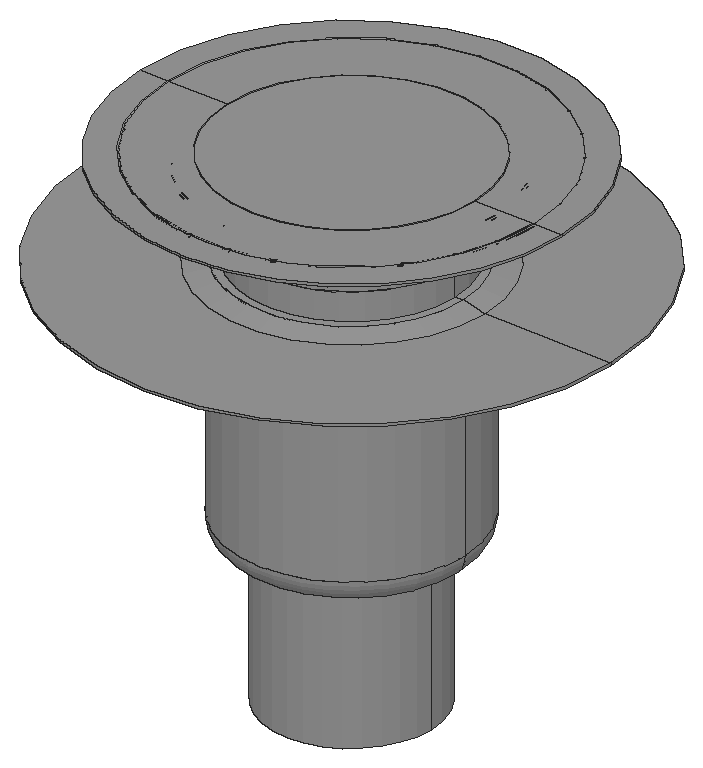
Revit family "ACO AUS Gully 157 Telescopic - Vinyl Top - Vertical Outlet with Mechanical Flange - 170mm 2", category Plumbing Fixtures, host Floor, Revit 2014 (continued)
Definition of nested family "Vinyl Gully Top"
  Lines and regions (mm)
    model lines, style "Viditelná (ISO)", in view "Ref. Level", detail levels fine
      curve 33: spline (-52.892, -90.312, 0) -> (-53.141, -90.754, 0) -> (-53.351, -91.244, 0) -> (-53.519, -91.772, 0) -> (-53.64, -92.329, 0) -> (-53.714, -92.907, 0) -> (-53.739, -93.494, 0) -> (-53.714, -94.081, 0) -> (-53.64, -94.659, 0) -> (-53.519, -95.216, 0) -> (-53.351, -95.744, 0) -> (-53.141, -96.233, 0) -> (-52.892, -96.676, 0)
      curve 34: spline (-51.301, -87.837, 0) -> (-50.941, -87.198, 0) -> (-50.637, -86.491, 0) -> (-50.395, -85.728, 0) -> (-50.22, -84.923, 0) -> (-50.113, -84.089, 0) -> (-50.077, -83.241, 0) -> (-50.113, -82.392, 0) -> (-50.22, -81.559, 0) -> (-50.395, -80.753, 0) -> (-50.637, -79.991, 0) -> (-50.941, -79.284, 0) -> (-51.301, -78.645, 0)
      curve 35: spline (-52.892, -69.806, 0) -> (-53.141, -70.248, 0) -> (-53.351, -70.738, 0) -> (-53.519, -71.266, 0) -> (-53.64, -71.823, 0) -> (-53.714, -72.4, 0) -> (-53.739, -72.988, 0) -> (-53.714, -73.575, 0) -> (-53.64, -74.152, 0) -> (-53.519, -74.71, 0) -> (-53.351, -75.238, 0) -> (-53.141, -75.727, 0) -> (-52.892, -76.17, 0)
      curve 36: spline (-51.301, -67.331, 0) -> (-50.941, -66.692, 0) -> (-50.637, -65.985, 0) -> (-50.395, -65.222, 0) -> (-50.22, -64.417, 0) -> (-50.113, -63.583, 0) -> (-50.077, -62.735, 0) -> (-50.113, -61.886, 0) -> (-50.22, -61.052, 0) -> (-50.395, -60.247, 0) -> (-50.637, -59.485, 0) -> (-50.941, -58.778, 0) -> (-51.301, -58.139, 0)
      curve 37: spline (-53.739, -52.482, 0) -> (-53.733, -52.776, 0) -> (-53.714, -53.069, 0) -> (-53.683, -53.36, 0) -> (-53.64, -53.646, 0) -> (-53.586, -53.928, 0) -> (-53.519, -54.204, 0) -> (-53.441, -54.472, 0) -> (-53.351, -54.732, 0) -> (-53.252, -54.982, 0) -> (-53.141, -55.221, 0) -> (-53.021, -55.449, 0) -> (-52.892, -55.664, 0)
      curve 38: spline (-72.497, -110.111, 0) -> (-72.656, -110.374, 0) -> (-72.802, -110.652, 0) -> (-72.937, -110.944, 0) -> (-73.059, -111.25, 0) -> (-73.168, -111.567, 0) -> (-73.264, -111.895, 0) -> (-73.345, -112.232, 0) -> (-73.412, -112.576, 0) -> (-73.465, -112.927, 0) -> (-73.503, -113.282, 0) -> (-73.525, -113.64, 0) -> (-73.533, -114, 0)
      curve 39: spline (-70.907, -107.636, 0) -> (-70.602, -107.095, 0) -> (-70.345, -106.497, 0) -> (-70.14, -105.852, 0) -> (-69.992, -105.17, 0) -> (-69.901, -104.465, 0) -> (-69.871, -103.747, 0) -> (-69.901, -103.029, 0) -> (-69.992, -102.323, 0) -> (-70.14, -101.642, 0) -> (-70.345, -100.997, 0) -> (-70.602, -100.399, 0) -> (-70.907, -99.858, 0)
      curve 40: spline (-72.497, -89.605, 0) -> (-72.802, -90.146, 0) -> (-73.059, -90.744, 0) -> (-73.264, -91.389, 0) -> (-73.412, -92.07, 0) -> (-73.503, -92.776, 0) -> (-73.533, -93.494, 0) -> (-73.503, -94.212, 0) -> (-73.412, -94.917, 0) -> (-73.264, -95.599, 0) -> (-73.059, -96.244, 0) -> (-72.802, -96.842, 0) -> (-72.497, -97.383, 0)
      curve 41: spline (-70.907, -87.13, 0) -> (-70.602, -86.589, 0) -> (-70.345, -85.991, 0) -> (-70.14, -85.346, 0) -> (-69.992, -84.664, 0) -> (-69.901, -83.959, 0) -> (-69.871, -83.241, 0) -> (-69.901, -82.523, 0) -> (-69.992, -81.817, 0) -> (-70.14, -81.136, 0) -> (-70.345, -80.491, 0) -> (-70.602, -79.893, 0) -> (-70.907, -79.352, 0)
      curve 42: spline (-72.497, -69.099, 0) -> (-72.802, -69.64, 0) -> (-73.059, -70.238, 0) -> (-73.264, -70.883, 0) -> (-73.412, -71.564, 0) -> (-73.503, -72.27, 0) -> (-73.533, -72.988, 0) -> (-73.503, -73.706, 0) -> (-73.412, -74.411, 0) -> (-73.264, -75.093, 0) -> (-73.059, -75.738, 0) -> (-72.802, -76.336, 0) -> (-72.497, -76.877, 0)
      curve 43: spline (-70.907, -66.624, 0) -> (-70.602, -66.083, 0) -> (-70.345, -65.485, 0) -> (-70.14, -64.84, 0) -> (-69.992, -64.158, 0) -> (-69.901, -63.453, 0) -> (-69.871, -62.735, 0) -> (-69.901, -62.017, 0) -> (-69.992, -61.311, 0) -> (-70.14, -60.63, 0) -> (-70.345, -59.985, 0) -> (-70.602, -59.387, 0) -> (-70.907, -58.846, 0)
      curve 44: spline (-73.533, -52.482, 0) -> (-73.525, -52.841, 0) -> (-73.503, -53.2, 0) -> (-73.465, -53.555, 0) -> (-73.412, -53.905, 0) -> (-73.345, -54.25, 0) -> (-73.264, -54.586, 0) -> (-73.168, -54.914, 0) -> (-73.059, -55.232, 0) -> (-72.937, -55.537, 0) -> (-72.802, -55.83, 0) -> (-72.656, -56.108, 0) -> (-72.497, -56.371, 0)
      curve 45: spline (-73.533, -130.487, 0) -> (-72.287, -132.237, 0) -> (-70.856, -133.725, 0) -> (-69.27, -134.919, 0) -> (-67.566, -135.791, 0) -> (-65.782, -136.322, 0) -> (-63.957, -136.5, 0) -> (-62.132, -136.322, 0) -> (-60.348, -135.791, 0) -> (-58.645, -134.919, 0) -> (-57.059, -133.725, 0) -> (-55.628, -132.237, 0) -> (-54.382, -130.487, 0)
      curve 46: spline (-63.315, -136.5, 0) -> (-62.4, -136.455, 0) -> (-61.49, -136.322, 0) -> (-60.59, -136.1, 0) -> (-59.705, -135.791, 0) -> (-58.841, -135.396, 0) -> (-58.002, -134.919, 0) -> (-57.192, -134.361, 0) -> (-56.416, -133.725, 0) -> (-55.679, -133.016, 0) -> (-54.985, -132.237, 0) -> (-54.337, -131.393, 0) -> (-53.739, -130.487, 0)
      curve 47: spline (-63.636, -118.015, 0) -> (-64.761, -118.305, 0) -> (-65.796, -118.949, 0) -> (-66.676, -119.908, 0) -> (-67.348, -121.122, 0) -> (-67.768, -122.515, 0) -> (-67.911, -124, 0) -> (-67.768, -125.485, 0) -> (-67.348, -126.878, 0) -> (-66.676, -128.092, 0) -> (-65.796, -129.051, 0) -> (-64.761, -129.695, 0) -> (-63.636, -129.985, 0)
      curve 48: spline (-63.957, -130, 0) -> (-62.768, -129.796, 0) -> (-61.659, -129.196, 0) -> (-60.707, -128.243, 0) -> (-59.977, -127, 0) -> (-59.518, -125.553, 0) -> (-59.361, -124, 0) -> (-59.518, -122.447, 0) -> (-59.977, -121, 0) -> (-60.707, -119.757, 0) -> (-61.659, -118.804, 0) -> (-62.768, -118.204, 0) -> (-63.957, -118, 0) -> (-65.147, -118.204, 0) -> (-66.256, -118.804, 0) -> (-67.207, -119.757, 0) -> (-67.938, -121, 0) -> (-68.397, -122.447, 0) -> (-68.554, -124, 0) -> (-68.397, -125.553, 0) -> (-67.938, -127, 0) -> (-67.207, -128.243, 0) -> (-66.256, -129.196, 0) -> (-65.147, -129.796, 0) -> (-63.957, -130, 0)
      curve 49: spline (100.159, -20.5, 0) -> (99.889, -20.704, 0) -> (99.638, -21.304, 0) -> (99.422, -22.257, 0) -> (99.257, -23.5, 0) -> (99.153, -24.947, 0) -> (99.117, -26.5, 0) -> (99.153, -28.053, 0) -> (99.257, -29.5, 0) -> (99.422, -30.743, 0) -> (99.638, -31.696, 0) -> (99.889, -32.296, 0) -> (100.159, -32.5, 0)
      curve 50: spline (95.818, -32.5, 0) -> (96.087, -32.296, 0) -> (96.339, -31.696, 0) -> (96.554, -30.743, 0) -> (96.72, -29.5, 0) -> (96.824, -28.053, 0) -> (96.86, -26.5, 0) -> (96.824, -24.947, 0) -> (96.72, -23.5, 0) -> (96.554, -22.257, 0) -> (96.339, -21.304, 0) -> (96.087, -20.704, 0) -> (95.818, -20.5, 0)
      curve 51: spline (94.833, -32.5, 0) -> (95.009, -32.414, 0) -> (95.18, -32.157, 0) -> (95.341, -31.737, 0) -> (95.488, -31.167, 0) -> (95.615, -30.462, 0) -> (95.72, -29.643, 0) -> (95.8, -28.734, 0) -> (95.852, -27.76, 0) -> (95.874, -26.75, 0) -> (95.866, -25.733, 0) -> (95.829, -24.738, 0) -> (95.763, -23.794, 0)
      curve 52: spline (98.573, -56.371, 0) -> (98.815, -56.108, 0) -> (99.04, -55.83, 0) -> (99.246, -55.537, 0) -> (99.433, -55.232, 0) -> (99.6, -54.914, 0) -> (99.747, -54.586, 0) -> (99.872, -54.25, 0) -> (99.974, -53.905, 0) -> (100.055, -53.555, 0) -> (100.113, -53.2, 0) -> (100.147, -52.841, 0) -> (100.159, -52.482, 0)
      curve 53: spline (96.135, -58.846, 0) -> (95.668, -59.387, 0) -> (95.274, -59.985, 0) -> (94.961, -60.63, 0) -> (94.733, -61.311, 0) -> (94.595, -62.017, 0) -> (94.549, -62.735, 0) -> (94.595, -63.453, 0) -> (94.733, -64.158, 0) -> (94.961, -64.84, 0) -> (95.274, -65.485, 0) -> (95.668, -66.083, 0) -> (96.135, -66.624, 0)
      curve 54: spline (98.573, -76.877, 0) -> (99.04, -76.336, 0) -> (99.433, -75.738, 0) -> (99.747, -75.093, 0) -> (99.974, -74.411, 0) -> (100.113, -73.706, 0) -> (100.159, -72.988, 0) -> (100.113, -72.27, 0) -> (99.974, -71.564, 0) -> (99.747, -70.883, 0) -> (99.433, -70.238, 0) -> (99.04, -69.64, 0) -> (98.573, -69.099, 0)
      curve 55: spline (96.135, -79.352, 0) -> (95.668, -79.893, 0) -> (95.274, -80.491, 0) -> (94.961, -81.136, 0) -> (94.733, -81.817, 0) -> (94.595, -82.523, 0) -> (94.549, -83.241, 0) -> (94.595, -83.959, 0) -> (94.733, -84.664, 0) -> (94.961, -85.346, 0) -> (95.274, -85.991, 0) -> (95.668, -86.589, 0) -> (96.135, -87.13, 0)
      curve 56: spline (98.573, -97.383, 0) -> (99.04, -96.842, 0) -> (99.433, -96.244, 0) -> (99.747, -95.599, 0) -> (99.974, -94.917, 0) -> (100.113, -94.212, 0) -> (100.159, -93.494, 0) -> (100.113, -92.776, 0) -> (99.974, -92.07, 0) -> (99.747, -91.389, 0) -> (99.433, -90.744, 0) -> (99.04, -90.146, 0) -> (98.573, -89.605, 0)
      curve 57: spline (96.135, -99.858, 0) -> (95.668, -100.399, 0) -> (95.274, -100.997, 0) -> (94.961, -101.642, 0) -> (94.733, -102.323, 0) -> (94.595, -103.029, 0) -> (94.549, -103.747, 0) -> (94.595, -104.465, 0) -> (94.733, -105.17, 0) -> (94.961, -105.852, 0) -> (95.274, -106.497, 0) -> (95.668, -107.095, 0) -> (96.135, -107.636, 0)
      curve 58: spline (100.159, -114, 0) -> (100.147, -113.64, 0) -> (100.113, -113.282, 0) -> (100.055, -112.927, 0) -> (99.974, -112.576, 0) -> (99.872, -112.232, 0) -> (99.747, -111.895, 0) -> (99.6, -111.567, 0) -> (99.433, -111.25, 0) -> (99.246, -110.944, 0) -> (99.04, -110.652, 0) -> (98.815, -110.374, 0) -> (98.573, -110.111, 0)
      curve 59: spline (93.535, -55.664, 0) -> (93.733, -55.449, 0) -> (93.917, -55.221, 0) -> (94.086, -54.982, 0) -> (94.239, -54.732, 0) -> (94.376, -54.472, 0) -> (94.496, -54.204, 0) -> (94.598, -53.928, 0) -> (94.682, -53.646, 0) -> (94.748, -53.36, 0) -> (94.795, -53.069, 0) -> (94.823, -52.776, 0) -> (94.833, -52.482, 0)
      curve 60: spline (91.098, -58.139, 0) -> (90.546, -58.778, 0) -> (90.08, -59.485, 0) -> (89.71, -60.247, 0) -> (89.441, -61.052, 0) -> (89.278, -61.886, 0) -> (89.223, -62.735, 0) -> (89.278, -63.583, 0) -> (89.441, -64.417, 0) -> (89.71, -65.222, 0) -> (90.08, -65.985, 0) -> (90.546, -66.692, 0) -> (91.098, -67.331, 0)
      curve 61: spline (93.535, -76.17, 0) -> (93.917, -75.727, 0) -> (94.239, -75.238, 0) -> (94.496, -74.71, 0) -> (94.682, -74.152, 0) -> (94.795, -73.575, 0) -> (94.833, -72.988, 0) -> (94.795, -72.4, 0) -> (94.682, -71.823, 0) -> (94.496, -71.266, 0) -> (94.239, -70.738, 0) -> (93.917, -70.248, 0) -> (93.535, -69.806, 0)
      curve 62: spline (91.098, -78.645, 0) -> (90.546, -79.284, 0) -> (90.08, -79.991, 0) -> (89.71, -80.753, 0) -> (89.441, -81.559, 0) -> (89.278, -82.392, 0) -> (89.223, -83.241, 0) -> (89.278, -84.089, 0) -> (89.441, -84.923, 0) -> (89.71, -85.728, 0) -> (90.08, -86.491, 0) -> (90.546, -87.198, 0) -> (91.098, -87.837, 0)
      curve 63: spline (93.535, -96.676, 0) -> (93.917, -96.233, 0) -> (94.239, -95.744, 0) -> (94.496, -95.216, 0) -> (94.682, -94.659, 0) -> (94.795, -94.081, 0) -> (94.833, -93.494, 0) -> (94.795, -92.907, 0) -> (94.682, -92.329, 0) -> (94.496, -91.772, 0) -> (94.239, -91.244, 0) -> (93.917, -90.754, 0) -> (93.535, -90.312, 0)
      curve 64: spline (91.098, -99.151, 0) -> (90.546, -99.79, 0) -> (90.08, -100.497, 0) -> (89.71, -101.26, 0) -> (89.441, -102.065, 0) -> (89.278, -102.899, 0) -> (89.223, -103.747, 0) -> (89.278, -104.595, 0) -> (89.441, -105.429, 0) -> (89.71, -106.234, 0) -> (90.08, -106.997, 0) -> (90.546, -107.704, 0) -> (91.098, -108.343, 0)
      curve 65: spline (94.833, -114, 0) -> (94.823, -113.706, 0) -> (94.795, -113.413, 0) -> (94.748, -113.122, 0) -> (94.682, -112.835, 0) -> (94.598, -112.554, 0) -> (94.496, -112.278, 0) -> (94.376, -112.01, 0) -> (94.239, -111.75, 0) -> (94.086, -111.5, 0) -> (93.917, -111.261, 0) -> (93.733, -111.033, 0) -> (93.535, -110.818, 0)
      curve 66: spline (95.818, -114, 0) -> (95.806, -113.64, 0) -> (95.771, -113.282, 0) -> (95.714, -112.927, 0) -> (95.633, -112.576, 0) -> (95.53, -112.232, 0) -> (95.405, -111.895, 0) -> (95.259, -111.567, 0) -> (95.092, -111.25, 0) -> (94.905, -110.944, 0) -> (94.698, -110.652, 0) -> (94.474, -110.374, 0) -> (94.231, -110.111, 0)
      curve 67: spline (91.794, -99.858, 0) -> (91.327, -100.399, 0) -> (90.933, -100.997, 0) -> (90.62, -101.642, 0) -> (90.392, -102.323, 0) -> (90.254, -103.029, 0) -> (90.208, -103.747, 0) -> (90.254, -104.465, 0) -> (90.392, -105.17, 0) -> (90.62, -105.852, 0) -> (90.933, -106.497, 0) -> (91.327, -107.095, 0) -> (91.794, -107.636, 0)
      curve 68: spline (94.231, -97.383, 0) -> (94.698, -96.842, 0) -> (95.092, -96.244, 0) -> (95.405, -95.599, 0) -> (95.633, -94.917, 0) -> (95.771, -94.212, 0) -> (95.818, -93.494, 0) -> (95.771, -92.776, 0) -> (95.633, -92.07, 0) -> (95.405, -91.389, 0) -> (95.092, -90.744, 0) -> (94.698, -90.146, 0) -> (94.231, -89.605, 0)
      curve 69: spline (91.794, -79.352, 0) -> (91.327, -79.893, 0) -> (90.933, -80.491, 0) -> (90.62, -81.136, 0) -> (90.392, -81.817, 0) -> (90.254, -82.523, 0) -> (90.208, -83.241, 0) -> (90.254, -83.959, 0) -> (90.392, -84.664, 0) -> (90.62, -85.346, 0) -> (90.933, -85.991, 0) -> (91.327, -86.589, 0) -> (91.794, -87.13, 0)
      curve 70: spline (94.231, -76.877, 0) -> (94.698, -76.336, 0) -> (95.092, -75.738, 0) -> (95.405, -75.093, 0) -> (95.633, -74.411, 0) -> (95.771, -73.706, 0) -> (95.818, -72.988, 0) -> (95.771, -72.27, 0) -> (95.633, -71.564, 0) -> (95.405, -70.883, 0) -> (95.092, -70.238, 0) -> (94.698, -69.64, 0) -> (94.231, -69.099, 0)
      curve 71: spline (91.794, -58.846, 0) -> (91.327, -59.387, 0) -> (90.933, -59.985, 0) -> (90.62, -60.63, 0) -> (90.392, -61.311, 0) -> (90.254, -62.017, 0) -> (90.208, -62.735, 0) -> (90.254, -63.453, 0) -> (90.392, -64.158, 0) -> (90.62, -64.84, 0) -> (90.933, -65.485, 0) -> (91.327, -66.083, 0) -> (91.794, -66.624, 0)
      curve 72: spline (94.231, -56.371, 0) -> (94.474, -56.108, 0) -> (94.698, -55.83, 0) -> (94.905, -55.537, 0) -> (95.092, -55.232, 0) -> (95.259, -54.914, 0) -> (95.405, -54.586, 0) -> (95.53, -54.25, 0) -> (95.633, -53.905, 0) -> (95.714, -53.555, 0) -> (95.771, -53.2, 0) -> (95.806, -52.841, 0) -> (95.818, -52.482, 0)
      curve 73: spline (95.818, -130.487, 0) -> (96.1, -132.237, 0) -> (96.425, -133.725, 0) -> (96.784, -134.919, 0) -> (97.17, -135.791, 0) -> (97.575, -136.322, 0) -> (97.988, -136.5, 0) -> (98.402, -136.322, 0) -> (98.806, -135.791, 0) -> (99.193, -134.919, 0) -> (99.552, -133.725, 0) -> (99.877, -132.237, 0) -> (100.159, -130.487, 0)
      curve 74: spline (94.833, -130.487, 0) -> (94.968, -131.393, 0) -> (95.115, -132.237, 0) -> (95.273, -133.016, 0) -> (95.44, -133.725, 0) -> (95.616, -134.361, 0) -> (95.799, -134.919, 0) -> (95.99, -135.396, 0) -> (96.185, -135.791, 0) -> (96.386, -136.1, 0) -> (96.59, -136.322, 0) -> (96.796, -136.455, 0) -> (97.004, -136.5, 0)
      curve 75: spline (97.496, -129.288, 0) -> (97.652, -128.695, 0) -> (97.788, -127.952, 0) -> (97.898, -127.081, 0) -> (97.979, -126.111, 0) -> (98.029, -125.073, 0) -> (98.045, -124, 0) -> (98.029, -122.927, 0) -> (97.979, -121.889, 0) -> (97.898, -120.919, 0) -> (97.788, -120.048, 0) -> (97.652, -119.305, 0) -> (97.496, -118.712, 0)
      curve 76: spline (97.988, -130, 0) -> (98.258, -129.796, 0) -> (98.509, -129.196, 0) -> (98.725, -128.243, 0) -> (98.891, -127, 0) -> (98.995, -125.553, 0) -> (99.03, -124, 0) -> (98.995, -122.447, 0) -> (98.891, -121, 0) -> (98.725, -119.757, 0) -> (98.509, -118.804, 0) -> (98.258, -118.204, 0) -> (97.988, -118, 0) -> (97.719, -118.204, 0) -> (97.467, -118.804, 0) -> (97.252, -119.757, 0) -> (97.086, -121, 0) -> (96.982, -122.447, 0) -> (96.946, -124, 0) -> (96.982, -125.553, 0) -> (97.086, -127, 0) -> (97.252, -128.243, 0) -> (97.467, -129.196, 0) -> (97.719, -129.796, 0) -> (97.988, -130, 0)
      curve 121: line (-44.38, -107.636, 0) -> (-45.226, -110.111, 0)
      curve 122: line (-45.777, -114, 0) -> (-45.777, -130.487, 0)
      curve 123: line (-45.777, -130.487, 0) -> (-45.435, -130.487, 0)
      curve 124: line (-45.435, -130.487, 0) -> (-45.435, -114, 0)
      curve 125: line (-44.984, -110.818, 0) -> (-44.138, -108.343, 0)
      curve 126: line (-21.492, -110.818, 0) -> (-20.646, -108.343, 0)
      curve 127: line (-21.943, -130.487, 0) -> (-21.943, -114, 0)
      curve 128: line (-34.031, -136.5, 0) -> (-33.689, -136.5, 0)
      curve 129: line (-53.739, -52.482, 0) -> (-53.739, -32.5, 0)
      curve 130: line (-53.739, -32.5, 0) -> (-54.382, -32.5, 0)
      curve 131: line (-54.382, -32.5, 0) -> (-54.382, -52.482, 0)
      curve 132: line (-53.346, -56.371, 0) -> (-51.756, -58.846, 0)
      curve 133: line (-51.756, -66.624, 0) -> (-53.346, -69.099, 0)
      curve 134: line (-53.346, -76.877, 0) -> (-51.756, -79.352, 0)
      curve 135: line (-51.756, -87.13, 0) -> (-53.346, -89.605, 0)
      curve 136: line (-53.346, -97.383, 0) -> (-51.756, -99.858, 0)
      curve 137: line (-51.756, -107.636, 0) -> (-53.346, -110.111, 0)
      curve 138: line (-54.382, -114, 0) -> (-54.382, -130.487, 0)
      curve 139: line (-54.382, -130.487, 0) -> (-53.739, -130.487, 0)
      curve 140: line (-53.739, -130.487, 0) -> (-53.739, -114, 0)
      curve 141: line (-52.892, -110.818, 0) -> (-51.301, -108.343, 0)
      curve 142: line (-51.301, -99.151, 0) -> (-52.892, -96.676, 0)
      curve 143: line (-52.892, -90.312, 0) -> (-51.301, -87.837, 0)
      curve 144: line (-51.301, -78.645, 0) -> (-52.892, -76.17, 0)
      curve 145: line (-52.892, -69.806, 0) -> (-51.301, -67.331, 0)
      curve 146: line (-51.301, -58.139, 0) -> (-52.892, -55.664, 0)
      curve 147: line (-53.739, -18, 0) -> (-53.739, -10.5, 0)
      curve 148: line (-53.739, -10.5, 0) -> (-54.382, -10.5, 0)
      curve 149: line (-54.382, -10.5, 0) -> (-54.382, -20.5, 0)
      curve 150: line (-54.382, -20.5, 0) -> (-54.19, -20.5, 0)
      curve 151: line (-54.382, -10.5, 0) -> (-73.533, -10.5, 0)
      curve 152: line (-73.533, -10.5, 0) -> (-73.533, -20.5, 0)
      curve 153: line (-73.533, -114, 0) -> (-73.533, -130.487, 0)
      curve 154: line (-70.907, -107.636, 0) -> (-72.497, -110.111, 0)
      curve 155: line (-72.497, -97.383, 0) -> (-70.907, -99.858, 0)
      curve 156: line (-72.497, -76.877, 0) -> (-70.907, -79.352, 0)
      curve 157: line (-70.907, -87.13, 0) -> (-72.497, -89.605, 0)
      curve 158: line (-72.497, -56.371, 0) -> (-70.907, -58.846, 0)
      curve 159: line (-70.907, -66.624, 0) -> (-72.497, -69.099, 0)
      curve 160: line (-73.533, -32.5, 0) -> (-73.533, -52.482, 0)
      curve 161: line (-63.957, -136.5, 0) -> (-63.315, -136.5, 0)
      curve 162: line (95.818, -52.482, 0) -> (95.818, -32.5, 0)
      curve 163: line (95.818, -32.5, 0) -> (94.833, -32.5, 0)
      curve 164: line (94.833, -32.5, 0) -> (94.833, -52.482, 0)
      curve 165: line (95.525, -20.5, 0) -> (95.818, -20.5, 0)
      curve 166: line (95.818, -20.5, 0) -> (95.818, -10.5, 0)
      curve 167: line (100.159, -32.5, 0) -> (100.159, -52.482, 0)
      curve 168: line (98.573, -56.371, 0) -> (96.135, -58.846, 0)
      curve 169: line (96.135, -66.624, 0) -> (98.573, -69.099, 0)
      curve 170: line (98.573, -76.877, 0) -> (96.135, -79.352, 0)
      curve 171: line (96.135, -87.13, 0) -> (98.573, -89.605, 0)
      curve 172: line (98.573, -97.383, 0) -> (96.135, -99.858, 0)
      curve 173: line (96.135, -107.636, 0) -> (98.573, -110.111, 0)
      curve 174: line (100.159, -114, 0) -> (100.159, -130.487, 0)
      curve 175: line (94.833, -18, 0) -> (94.833, -10.5, 0)
      curve 176: line (94.833, -10.5, 0) -> (95.818, -10.5, 0)
      curve 177: line (95.818, -10.5, 0) -> (100.159, -10.5, 0)
      curve 178: line (100.159, -10.5, 0) -> (100.159, -20.5, 0)
      curve 179: line (91.098, -58.139, 0) -> (93.535, -55.664, 0)
      curve 180: line (93.535, -69.806, 0) -> (91.098, -67.331, 0)
      curve 181: line (91.098, -78.645, 0) -> (93.535, -76.17, 0)
      curve 182: line (93.535, -90.312, 0) -> (91.098, -87.837, 0)
      curve 183: line (91.098, -99.151, 0) -> (93.535, -96.676, 0)
      curve 184: line (93.535, -110.818, 0) -> (91.098, -108.343, 0)
      curve 185: line (95.818, -114, 0) -> (95.818, -130.487, 0)
      curve 186: line (95.818, -130.487, 0) -> (94.833, -130.487, 0)
      curve 187: line (94.833, -130.487, 0) -> (94.833, -114, 0)
      curve 188: line (91.794, -107.636, 0) -> (94.231, -110.111, 0)
      curve 189: line (94.231, -97.383, 0) -> (91.794, -99.858, 0)
      curve 190: line (91.794, -87.13, 0) -> (94.231, -89.605, 0)
      curve 191: line (94.231, -76.877, 0) -> (91.794, -79.352, 0)
      curve 192: line (91.794, -66.624, 0) -> (94.231, -69.099, 0)
      curve 193: line (94.231, -56.371, 0) -> (91.794, -58.846, 0)
      curve 194: line (97.988, -136.5, 0) -> (97.004, -136.5, 0)
    model lines, style "Viditelná (ISO)", in view "Ref. Level"
      curve 77: arc (82.5, -30, 0) -> (79.672, -31.172, 0) -> (78.5, -34, 0) r 4
      curve 78: arc (-78.5, -34, 0) -> (-79.672, -31.172, 0) -> (-82.5, -30, 0) r 4
      curve 79: arc (99.388, -22.467, 0) -> (99.713, -21.549, 0) -> (99.963, -20.607, 0) r 12
      curve 80: arc (88.25, -30, 0) -> (92.295, -29.298, 0) -> (95.866, -27.273, 0) r 12
      curve 81: arc (-100.25, -18, 0) -> (-96.735, -26.485, 0) -> (-88.25, -30, 0) r 12
      curve 82: arc (100, -5.5, 0) -> (98.939, -5.939, 0) -> (98.5, -7, 0) r 1.5
      curve 83: arc (-98.5, -7, 0) -> (-98.939, -5.939, 0) -> (-100, -5.5, 0) r 1.5
      curve 84: arc (120.057, -5.5, 0) -> (121.205, -5.272, 0) -> (122.179, -4.621, 0) r 3
      curve 85: arc (-122.179, -4.621, 0) -> (-121.205, -5.272, 0) -> (-120.057, -5.5, 0) r 3
      curve 86: arc (125.921, -1.5, 0) -> (125.347, -1.614, 0) -> (124.861, -1.939, 0) r 1.5
      curve 87: arc (-124.861, -1.939, 0) -> (-125.347, -1.614, 0) -> (-125.921, -1.5, 0) r 1.5
      curve 88: arc (75.108, -41.7, 0) -> (72.182, -43.143, 0) -> (71, -46.183, 0) r 4.5
      curve 89: arc (-73.533, -42.136, 0) -> (-74.3, -41.846, 0) -> (-75.108, -41.7, 0) r 4.5
      curve 195: line (-69.8, -30, 0) -> (-88.25, -30, 0)
      curve 196: line (88.25, -30, 0) -> (-57.472, -30, 0)
      curve 197: line (100.25, -18, 0) -> (95.786, -18, 0)
      curve 198: line (95.786, -18, 0) -> (83.696, -18, 0)
      curve 199: line (-83.696, -18, 0) -> (-100.25, -18, 0)
      curve 200: line (-54.581, -18, 0) -> (-74.696, -18, 0)
      curve 201: line (8.602, -18, 0) -> (-54.382, -18, 0)
      curve 202: line (74.696, -18, 0) -> (8.602, -18, 0)
      curve 203: line (-144.7, 0, 0) -> (144.7, 0, 0)
      curve 204: line (144.7, 0, 0) -> (144.7, -1.5, 0)
      curve 205: line (144.7, -1.5, 0) -> (-144.7, -1.5, 0)
      curve 206: line (-144.7, -1.5, 0) -> (-144.7, 0, 0)
      curve 207: line (-98.5, -18, 0) -> (-98.5, -7, 0)
      curve 208: line (98.5, -10.5, 0) -> (98.5, -7, 0)
      curve 209: line (-122.179, -4.621, 0) -> (-124.861, -1.939, 0)
      curve 210: line (122.179, -4.621, 0) -> (124.861, -1.939, 0)
      curve 211: line (120.057, -5.5, 0) -> (-120.057, -5.5, 0)
      curve 212: line (-73.533, -41.5, 0) -> (-78.5, -41.5, 0)
      curve 213: line (-78.5, -41.5, 0) -> (-78.5, -40, 0)
      curve 214: line (-78.5, -40, 0) -> (-73.533, -40, 0)
      curve 216: line (-78.5, -40, 0) -> (-78.5, -34, 0)
      curve 217: line (78.5, -34, 0) -> (78.5, -40, 0)
      curve 218: line (78.5, -40, 0) -> (-53.739, -40, 0)
      curve 220: line (78.5, -40, 0) -> (78.5, -41.5, 0)
      curve 221: line (78.5, -41.5, 0) -> (-53.739, -41.5, 0)
      curve 222: line (71, -46.183, 0) -> (71, -100, 0)
      curve 223: line (71, -100, 0) -> (-50.841, -100, 0)
      curve 224: line (-75.108, -41.7, 0) -> (-77.394, -41.5, 0)
      curve 225: line (75.108, -41.7, 0) -> (77.394, -41.5, 0)
    detail lines, style "Viditelná (ISO)", in view "Ref. Level", detail levels medium+fine
      curve 226: line (-5.5, -25.7, 0) -> (-5.5, -24.7, 0)
    detail lines, style "Viditelná (ISO)", in view "Ref. Level", detail levels coarse+medium
      curve 230: line (-71, -46.183, 0) -> (-71, -58.7, 0)
      curve 231: arc (-75.108, -41.7, 0) -> (-72.182, -43.143, 0) -> (-71, -46.183, 0) r 4.5
      curve 232: line (-71, -66.769, 0) -> (-71, -79.207, 0)
      curve 234: line (-71, -87.275, 0) -> (-71, -99.713, 0)
      curve 239: arc (100.25, -18, 0) -> (96.735, -26.485, 0) -> (88.25, -30, 0) r 12
    detail lines, style "Viditelná (ISO)", in view "Ref. Level"
      curve 233: line (-71, -79.207, 0) -> (-71, -87.275, 0)
      curve 235: line (-71, -99.713, 0) -> (-71, -100, 0)
      curve 236: line (-71, -58.7, 0) -> (-71, -66.769, 0)
    detail lines, in view "Ref. Level"
      curve 237: line (-71, -100, 0) -> (-70.815, -100, 0)
    detail lines, in view "Ref. Level", detail levels coarse+medium
      curve 238: line (-70.815, -100, 0) -> (-50.841, -100, 0)
      curve 240: line (-73.533, -40, 0) -> (-53.739, -40, 0)
      curve 241: line (-73.533, -41.5, 0) -> (-53.739, -41.5, 0)
      curve 242: line (-83.696, -18, 0) -> (-74.696, -18, 0)
      curve 243: line (74.696, -18, 0) -> (83.696, -18, 0)
      curve 244: line (-69.8, -30, 0) -> (-57.472, -30, 0)
      curve 245: line (98.5, -10.5, 0) -> (98.5, -18, 0)
Types (4, lengths in mm): name | Product Code 413027 | Product Code 413026 | Product Code 408216 | Product Code 408213 | Product Code 408206 | Product Code 408203 | Product Code 142006 | Product Code 142005 | Product Code 142004 | Product Code 142003 | Product Code 142002 | Product Code 142001 | Material | Gully Weight (Kg) | Gully Product Description | Gully Product Code | Gully Material | Grating Product Code 97367 | Grating Product Code 97146 | Foul Air Trap Seal Recycled Material Content | Foul Air Trap Seal Recyclable | Foul Air Trap Seal Material | Foul Air Trap Seal Colour | Flow Rate (l/s) | 97367 - 170mm dia - Ladder Grating - Plain - SS 316 | 97146 - 170mm dia - Ladder Grating - Plain - SS 304 | Foul Air Trap &  Foul Air Trap Support Ring
  142192 - Adjustable Height without FAT SS 304 | "N/A" | "1.0 litre removable strainer -Stainless steel grade 304 -  0.6kg" | "N/A" | "N/A" | "Waterproof bonding flange - Stainless steel grade 304 - 1.9kg" | "0.3 litre removable strainer - Stainless steel grade 304 - 0.3kg" | "N/A" | "N/A" | "N/A" | "N/A" | "N/A" | "N/A" | Stainless Steel AISI 304 | "4" | "ACO Gully 157 adjustable height gully with integrated clamping flange - DN100 vertical outlet with round vinyl clamp top section without FAT - grade 304" | "142192" | "Stainless steel grade 304" | "N/A" | "Load Class M125 (EN 1253) - Ladder Grating - Plain  - Stainless steel grade 304 - 170mm dia x 25mm - 1.6kg" | "N/A" | "N/A" | "N/A" | "N/A" | "12.6" | no | yes | no
  142193 - Adjustable Height without FAT SS 316 | "1.0 litre removable strainer - Stainless steel grade 316 - 0.6kg" | "N/A" | "Waterproof bonding flange - Stainless steel grade 316 - 1.9kg" | "0.3 litre removable strainer - Stainless steel grade 316 - 0.3kg" | "N/A" | "N/A" | "N/A" | "Retention chain connecting removable (primary) strainer to grate - Stainless steel grade 316 - 0.1kg" | "N/A" | "Retention chain connecting fixed (secondary) strainer to removable (primary) strainer -Stainless steel grade 316 - 0.1kg" | "N/A" | "Fixed  strainer to suit a 110mm outlet -  Stainless steel grade 316 - 0.1kg" | Stainless Steel AISI 316 | "4" | "ACO Gully 157 adjustable height gully with integrated clamping flange - DN100 vertical outlet with round vinyl clamp top section without FAT - grade 316" | "142193" | "Stainless steel grade 316" | "Load Class M125 (EN 1253) - Ladder Grating - Plain  - Stainless steel grade 316 - 170mm dia x 25mm - 1.6kg" | "N/A" | "N/A" | "N/A" | "N/A" | "N/A" | "12.6" | yes | no | no
  142195 - Adjustable Height with FAT SS 316 | "1.0 litre removable strainer - Stainless steel grade 316 - 0.6kg" | "N/A" | "Waterproof bonding flange - Stainless steel grade 316 - 1.9kg" | "0.3 litre removable strainer - Stainless steel grade 316 - 0.3kg" | "N/A" | "N/A" | "Retention chain connecting removable FAT to grate - Stainless steel grade 316 - 0.1kg" | "Retention chain connecting removable (primary) strainer to grate - Stainless steel grade 316 - 0.1kg" | "Retention chain connecting to FAT to removable (primary) strainer - Stainless steel grade 316 - 0.1kg" | "Retention chain connecting fixed (secondary) strainer to removable (primary) strainer -Stainless steel grade 316 - 0.1kg" | "Retention chain connecting fixed (secondary) strainer to FAT - Stainless steel grade 316 - 0.1kg" | "Fixed  strainer to suit a 110mm outlet -  Stainless steel grade 316 - 0.1kg" | Stainless Steel AISI 316 | "4.7" | "ACO Gully 157 adjustable height gully with integrated clamping flange - DN100 vertical outlet with round vinyl clamp top section with FAT - grade 316" | "142195" | "Stainless steel grade 316" | "Load Class M125 (EN 1253) - Ladder Grating - Plain  - Stainless steel grade 316 - 170mm dia x 25mm - 1.6kg" | "N/A" | "0%" | "Fully Recyclable" | "NBR" | "Black" | "3.5-4" | yes | no | yes
  142194 - Adjustable Height with FAT SS 304 | "N/A" | "1.0 litre removable strainer -Stainless steel grade 304 -  0.6kg" | "N/A" | "N/A" | "Waterproof bonding flange - Stainless steel grade 304 - 1.9kg" | "0.3 litre removable strainer - Stainless steel grade 304 - 0.3kg" | "N/A" | "N/A" | "N/A" | "N/A" | "N/A" | "N/A" | Stainless Steel AISI 304 | "4.7" | "ACO Gully 157 adjustable height gully with integrated clamping flange - DN100 vertical outlet with round vinyl clamp top section with FAT - grade 304" | "142194" | "Stainless steel grade 304" | "N/A" | "Load Class M125 (EN 1253) - Ladder Grating - Plain  - Stainless steel grade 304 - 170mm dia x 25mm - 1.6kg" | "0%" | "Fully Recyclable" | "NBR" | "Black" | "3.5-4" | no | yes | yes
